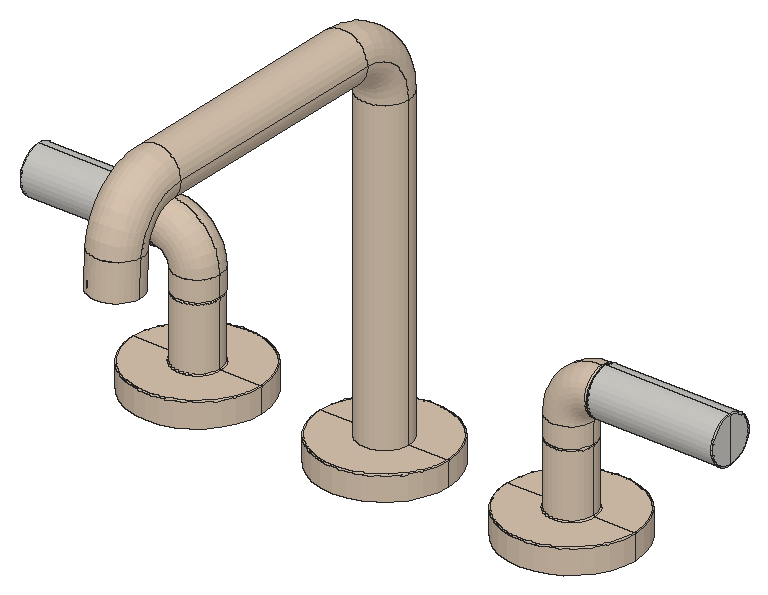
Revit family "Faucet-Deck_Mount-Bath-KALLISTA-One-P32363_1", category Plumbing Fixtures, host Face, Revit 2021
Family settings
  Host = Face
  Round Connector Dimension = Use Diameter
  Part Type = Normal
  OmniClass Number = 23.31.11.00
  OmniClass Title = Faucets
  Cut with Voids When Loaded = No
  Shared = No
  Room Calculation Point = No
Parameters (values of type "AD, BAF-Brushed French Gold")
  Width [instance] = Faucet Hole Spacing  # 8"
  WaterSense Certified = 1 = 0  # no
  Waste Water Outlet = "Waste Water Outlet"  # constant formula
  Waste Connection = 1 = 0  # no
  Vent Connection = 1 = 0  # no
  URL = "https://www.kallista.com/"
  Type = 1
  Spout Reach = 7.20079"  # constant formula
  Secondary Finish = Kallista-Metal-AD-Nickel_Silver
  Product Page URL = ""
  Product Name = "One"  # constant formula
  Product Documentation Link = ""
  Pressure = 43.50 psi  # constant formula
  Model = if(Type = 1, "P32363-AD-BAF", if(Type = 2, "P32363-ULB-SN", "NA"))  # "P32363-AD-BAF"
  Material = "Solid Brass Construction"  # constant formula
  Master Format 2014 Name = "Residential Faucets, Supplies, and Trim"  # constant formula
  Master Format 2014 = "22 41 39"  # constant formula
  Manufacturer Address = "444 Highland Dr, Kohler, WI 53044"  # constant formula
  Manufacturer = "Kallista Co."  # constant formula
  Length = Spout Reach  # 7.20079"
  Hot Water Inlet = "Hot Water Inlet"  # constant formula
  Height = 8.77559"  # constant formula
  Handle Clearance = 3.40669"  # constant formula
  HW Connection = 1 = 1  # yes
  Flow Rate = 9.98 GPM  # constant formula
  Finish = Kallista-Metal-BAF-Brushed_French_Gold
  Faucet Hole Spacing [instance] = 8"
  Environmental Product Declaration = ""
  Drain Included = 1 = 0  # no
  Description = "Deck Mount ,Bath Faucet "  # constant formula
  Default Elevation = 36"
  Declare Label = ""
  Date Modified = "02/10/2023"  # constant formula
  Date Created = "02/10/2023"  # constant formula
  Copyright = "Copyright Kallista Co."  # constant formula
  Contact Us = "https://www.kallista.com/corporate/contact-us/"
  Cold Water Inlet = "Cold Water Inlet"  # constant formula
  CW Connection = 1 = 1  # yes
  Assembly Code = "D2010"
  ADA Compliant = 1 = 0  # no
Types (3): name | Type | Secondary Finish | Model | Finish
  (no name) | 1 | Kallista-Metal-AD-Nickel_Silver | "P32363-AD-BAF" | Kallista-Metal-BAF-Brushed_French_Gold
  AD, BAF-Brushed French Gold | 1 | Kallista-Metal-AD-Nickel_Silver | "P32363-AD-BAF" | Kallista-Metal-BAF-Brushed_French_Gold
  ULB, SN-Polished Nickel | 2 | Kallista-Metal-ULB-Unlacquered_Brass | "P32363-ULB-SN" | Kallista-Metal-SN-Polished_Nickel
Reference planes
  plane 1 "Center (Front/Back)": y = 0
  plane 2: z = 0
  plane 3 "Center (Left/Right)": x = 0
  plane 4: x = -101.6
  plane 5: x = 101.6
  plane 6: y = 34.95
  plane 7: y = -34.95
  plane 8: y = -182.9
  plane 9: y = -196.05
  plane 10: x = -136.55
  plane 11: x = -66.65
  plane 12: x = 66.65
  plane 13: x = 136.55
  plane 14: z = 89.3
  plane 15: z = 222.9
  plane 16: x = -34.95
  plane 17: x = 34.95
  plane 18: z = 76.8
  plane 19: x = -188.13
  plane 20: x = 188.13
  plane 21: z = 164.384
Dimensions and locks
  plane 6 to plane 7 = 2.75197"
  plane 6 to plane 1 "Center (Front/Back)" to plane 7 = 1.37598", 1.37598"
  "Width": plane 4 to plane 5
  equal spacing: plane 4, plane 3 "Center (Left/Right)", plane 5
  plane 10 to plane 4 to plane 11 = 1.37598", 1.37598"
  plane 12 to plane 5 to plane 13 = 1.37598", 1.37598"
  plane 15 to level = 8.77559"
  plane 17 to plane 16 = 2.75197"
  plane 14 to level = 3.51575"
  "Length": plane 1 "Center (Front/Back)" to plane 8
  "Height": plane 15 to level
  plane 6 to plane 9 = 9.09449"
  "Handle Clearance": plane 20 to plane 5
  "Handle Clearance": plane 19 to plane 4
  plane 18 to level = 3.02362"
  plane 21 to level = 6.47183"
  aligned and locked: plane 2 to host face
  aligned and locked: level to host face
  aligned and locked: plane 3 "Center (Left/Right)" to nested 1
  aligned and locked: plane 1 "Center (Front/Back)" to nested 1
  aligned and locked: nested 2 to plane 4
  aligned and locked: plane 1 "Center (Front/Back)" to nested 2
  aligned and locked: plane 5 to nested 3
  aligned and locked: nested 3 to plane 1 "Center (Front/Back)"
Automatic sketch dimensions
  host sketch curve to host sketch curve = 96"  (x2)
Nested families
  nested 1: "P32363_Faucet" at (0, 0, 0), type "P32363_Faucet"
  nested 2: "P32363_Handle" at (-101.6, 0, 0), type "P32363_Handle"
  nested 3: "P32363_Handle" at (101.6, 0, 0) x (-1, 0, 0) z (0, 0, 1), type "P32363_Handle"
Connectors
  piping at (-101.6, 0, 0), diameter 19.05, driven by "Flow Rate", driven by "Pressure", driven by "HW Connection", driven by "Hot Water Inlet"
    settings: on nested 2, index 1, connector inside diameter 24", connector length 0", flow factor 0, pipe flow 9.98 GPM, pressure drop 43.50 psi, fitting loss kfactor 0, connector angle 0.00°, fixture units 0, engagement length 0", angle of deflection 0.00°, flow configuration 1, flow direction 1, fitting loss method 4, system type 19, joint type 0, gender type 0, connector reference index -1, connector utility 1, adjustable connector no, is connector primary yes, connector description "Hot Water Inlet"
  piping at (101.6, 0, 0), diameter 19.05, driven by "Flow Rate", driven by "Pressure", driven by "CW Connection", driven by "Cold Water Inlet"
    settings: on nested 3, index 2, connector inside diameter 24", connector length 0", flow factor 0, pipe flow 9.98 GPM, pressure drop 43.50 psi, fitting loss kfactor 0, connector angle 0.00°, fixture units 0, engagement length 0", angle of deflection 0.00°, flow configuration 1, flow direction 1, fitting loss method 4, system type 20, joint type 0, gender type 0, connector reference index -1, connector utility 1, adjustable connector no, is connector primary no, connector description "Cold Water Inlet"
Definition of nested family "P32363_Faucet"
  Parameters
    Material = none
    Default Elevation = 0"
  Reference planes
    plane 1 "Center (Front/Back)": y = 0
    plane 2: z = 0
    plane 3 "Center (Left/Right)": x = 0
    plane 4: z = 222.9
    plane 5: y = 34.95
    plane 6: y = -34.95
    plane 7: x = -34.95
    plane 8: x = 34.95
    plane 9: y = -196.05
    plane 10: y = -182.9
    plane 11 "A": through (0, -182.9, 164.415) normal (0, 0.9986, -0.0523)
    plane 12: x = -13.46
    plane 13: x = 13.46
  Forms (mm)
    Sweep 1, solid, material <- "Material", detail levels medium+fine
      path origin (0, 0, 0) x (0, 1, 0) y (0, 0, 1)
        loop
          line (0, 13.208) -> (0, 181.088)
          arc (0, 181.088) -> (-8.285, 201.09) -> (-28.287, 209.375) r 28.287
          line (-28.287, 209.375) -> (-155.04, 209.375)
          arc (-155.04, 209.375) -> (-173.54, 201.994) -> (-181.879, 183.906) r 26.876
          line (-181.879, 183.906) -> (-182.902, 164.376)
      profile origin (0, 0, 97.148) x (0, -1, 0) y (1, 0, 0)
        loop
          circle (0, 0) r 13.447
    Revolve 2, solid, material <- "Material", detail levels medium+fine
      sketch origin (0, 0, 0) x (1, 0, 0) y (0, 0, 1)
        loop
          line (-34.95, 0) -> (0, 0) -> (0, 13.208) -> (-34.452, 13.208)
          arc (-34.452, 13.208) -> (-34.804, 13.062) -> (-34.95, 12.71) r 0.498
          line (-34.95, 12.71) -> (-34.95, 0)
        axis (0, 0) -> (0, 13.208)
      angle from 0 to 360
    Revolve 3, void
      sketch origin (0, 0, 0) x (0, 1, 0) y (0, 0, 1)
        loop
          line (-182.973, 163.013) -> (-170.823, 162.377) -> (-170.205, 178.73) -> (-182.117, 179.354) -> (-182.973, 163.013)
        axis (-182.973, 163.013) -> (-182.117, 179.354)
      angle from 0 to 360
    Revolve 4, solid, detail levels medium+fine
      sketch origin (0, 0, 0) x (0, 1, 0) y (0, 0, 1)
        loop
          line (-173.312, 164.893) -> (-170.732, 164.758) -> (-170.305, 175.856) -> (-182.268, 176.483) -> (-182.393, 174.096) -> (-172.856, 173.596) -> (-173.312, 164.893)
        axis (-182.849, 165.393) -> (-182.268, 176.483)
      angle from 0 to 360
    Extrusion 5, solid, detail levels medium+fine
      sketch origin (0, -7.905, -8.217) x (1, 0, 0) y (0, 0.998946, -0.045901)
        loop
          arc (-6.86, -190.317) -> (-8.693, -187.898) -> (-9.885, -185.107) r 12.421
          line (-9.885, -185.107) -> (-11.701, -185.526)
          arc (-11.701, -185.526) -> (-10.384, -188.866) -> (-8.147, -191.674) r 12.121
          line (-8.147, -191.674) -> (-6.86, -190.317)
        loop
          arc (3.121, -192.599) -> (0.109, -192.973) -> (-2.903, -192.606) r 12.421
          line (-2.903, -192.606) -> (-3.45, -194.387)
          arc (-3.45, -194.387) -> (0.1, -194.921) -> (3.651, -194.393) r 12.121
          line (3.651, -194.393) -> (3.121, -192.599)
        loop
          arc (9.981, -185.187) -> (8.751, -187.962) -> (6.884, -190.355) r 12.421
          line (6.884, -190.355) -> (8.129, -191.741)
          arc (8.129, -191.741) -> (10.416, -188.973) -> (11.792, -185.657) r 12.121
          line (11.792, -185.657) -> (9.981, -185.187)
        loop
          line (-6.86, -175.441) -> (-8.147, -174.083)
          arc (-8.147, -174.083) -> (-10.384, -176.891) -> (-11.701, -180.231) r 12.121
          line (-11.701, -180.231) -> (-9.885, -180.65)
          arc (-9.885, -180.65) -> (-8.693, -177.859) -> (-6.86, -175.441) r 12.421
        loop
          line (3.121, -173.159) -> (3.651, -171.365)
          arc (3.651, -171.365) -> (0.1, -170.836) -> (-3.45, -171.37) r 12.121
          line (-3.45, -171.37) -> (-2.903, -173.152)
          arc (-2.903, -173.152) -> (0.109, -172.785) -> (3.121, -173.159) r 12.421
        loop
          line (9.981, -180.57) -> (11.792, -180.1)
          arc (11.792, -180.1) -> (10.416, -176.784) -> (8.129, -174.016) r 12.121
          line (8.129, -174.016) -> (6.884, -175.403)
          arc (6.884, -175.403) -> (8.751, -177.796) -> (9.981, -180.57) r 12.421
      from 164.411 to 173.407
    Revolve 6, solid, detail levels medium+fine
      sketch origin (0, 0, 0) x (0, 1, 0) y (0, 0, 1)
        loop
          line (-182.783, 166.657) -> (-172.597, 166.123) -> (-172.207, 173.562) -> (-182.393, 174.096) -> (-182.783, 166.657)
        axis (-182.393, 174.096) -> (-182.783, 166.657)
      angle from 0 to 360
    Extrusion 7, void
      sketch origin (0, -2.956, -3.177) x (1, 0, 0) y (0, 0.999847, -0.017502)
        loop
          circle (-8.77, -182.751) r 0.5
        loop
          circle (-8.189, -179.619) r 0.5
        loop
          circle (-6.525, -176.903) r 0.5
        loop
          circle (-3.997, -174.963) r 0.5
        loop
          circle (-0.943, -174.059) r 0.5
        loop
          circle (-8.189, -185.883) r 0.5
        loop
          circle (-6.525, -188.599) r 0.5
        loop
          circle (-3.997, -190.539) r 0.5
        loop
          circle (-0.943, -191.443) r 0.5
        loop
          circle (8.711, -182.751) r 0.5
        loop
          circle (8.13, -179.619) r 0.5
        loop
          circle (6.466, -176.903) r 0.5
        loop
          circle (3.939, -174.963) r 0.5
        loop
          circle (1.353, -174.059) r 0.5
        loop
          circle (8.13, -185.883) r 0.5
        loop
          circle (6.466, -188.599) r 0.5
        loop
          circle (3.939, -190.539) r 0.5
        loop
          circle (1.509, -191.443) r 0.5
        loop
          circle (-5.969, -182.751) r 0.5
        loop
          circle (-5.575, -180.622) r 0.5
        loop
          circle (-4.444, -178.776) r 0.5
        loop
          circle (-2.726, -177.458) r 0.5
        loop
          circle (-0.65, -176.843) r 0.5
        loop
          circle (-5.575, -184.88) r 0.5
        loop
          circle (-4.444, -186.726) r 0.5
        loop
          circle (-2.726, -188.044) r 0.5
        loop
          circle (-0.65, -188.658) r 0.5
        loop
          circle (5.911, -182.751) r 0.5
        loop
          circle (5.516, -180.622) r 0.5
        loop
          circle (4.385, -178.776) r 0.5
        loop
          circle (2.667, -177.458) r 0.5
        loop
          circle (5.516, -184.88) r 0.5
        loop
          circle (4.385, -186.726) r 0.5
        loop
          circle (2.667, -188.044) r 0.5
        loop
          circle (3.887, -182.515) r 0.5
        loop
          circle (3.186, -180.356) r 0.5
        loop
          circle (1.349, -179.021) r 0.5
        loop
          circle (3.186, -184.675) r 0.5
        loop
          circle (1.349, -186.009) r 0.5
        loop
          circle (-2.759, -180.356) r 0.5
        loop
          circle (-0.922, -179.021) r 0.5
        loop
          circle (-2.759, -184.675) r 0.5
        loop
          circle (-0.922, -186.009) r 0.5
        loop
          circle (-3.46, -182.515) r 0.5
        loop
          circle (0.559, -182.584) r 0.5
      from 159.353 to 170.383
    Sweep 8, solid, material <- "Material", detail levels coarse
      path origin (0, 0, 0) x (0, 1, 0) y (0, 0, 1)
        loop
          line (0, 13.208) -> (0, 181.088)
          arc (0, 181.088) -> (-8.285, 201.09) -> (-28.287, 209.375) r 28.287
          line (-28.287, 209.375) -> (-155.04, 209.375)
          arc (-155.04, 209.375) -> (-173.54, 201.994) -> (-181.879, 183.906) r 26.876
          line (-181.879, 183.906) -> (-182.902, 164.376)
      profile origin (0, 0, 97.148) x (0, -1, 0) y (1, 0, 0)
        loop
          circle (0, 0) r 13.447
    Revolve 9, solid, material <- "Material", detail levels coarse
      sketch origin (0, 0, 0) x (1, 0, 0) y (0, 0, 1)
        loop
          line (-34.95, 0) -> (0, 0) -> (0, 13.208) -> (-34.95, 13.208) -> (-34.95, 0)
        axis (0, 0) -> (0, 13.208)
      angle from 0 to 360
  Cuts and joins
    Revolve 3 cuts Sweep 1
    joined: Sweep 1, Revolve 2
    Extrusion 7 cuts Revolve 6
  Lines and regions (mm)
    Masking region 1
      outline origin (0, 0, 0) x (1, 0, 0) y (0, 1, 0)
        loop
          line (-13.461, -32.226) -> (-13.461, -182.594)
          arc (-13.461, -182.594) -> (0, -196.055) -> (13.46, -182.594) r 13.461
          line (13.46, -182.594) -> (13.46, -32.227)
          arc (13.46, -32.227) -> (0, 34.977) -> (-13.461, -32.226) r 34.95
    Masking region 2
      outline origin (0, 0, 0) x (1, 0, 0) y (0, 0, 1)
        loop
          line (34.925, 0) -> (34.925, 12.704)
          arc (34.925, 12.704) -> (34.777, 13.06) -> (34.421, 13.208) r 0.504
          line (34.421, 13.208) -> (13.46, 13.208) -> (13.46, 209.43)
          arc (13.46, 209.43) -> (0, 222.891) -> (-13.46, 209.43) r 13.46
          line (-13.46, 209.43) -> (-13.46, 13.208) -> (-34.421, 13.208)
          arc (-34.421, 13.208) -> (-34.777, 13.06) -> (-34.925, 12.704) r 0.504
          line (-34.925, 12.704) -> (-34.925, 0) -> (34.925, 0)
    Masking region 3
      outline origin (0, 0, 0) x (0, 1, 0) y (0, 0, 1)
        loop
          line (-34.95, 0) -> (34.95, 0) -> (34.95, 12.96)
          arc (34.95, 12.96) -> (34.803, 13.315) -> (34.448, 13.462) r 0.502
          line (34.448, 13.462) -> (13.462, 13.462) -> (13.462, 182.463)
          arc (13.462, 182.463) -> (1.618, 211.056) -> (-26.975, 222.9) r 40.437
          line (-26.975, 222.9) -> (-155.42, 222.9)
          arc (-155.42, 222.9) -> (-183.206, 211.674) -> (-195.396, 184.296) r 40
          line (-195.396, 184.296) -> (-196.049, 165.575)
          arc (-196.049, 165.575) -> (-195.913, 165.206) -> (-195.557, 165.038) r 0.519
          line (-195.557, 165.038) -> (-169.934, 163.695)
          arc (-169.934, 163.695) -> (-169.572, 163.823) -> (-169.407, 164.17) r 0.502
          line (-169.407, 164.17) -> (-168.427, 182.865)
          arc (-168.427, 182.865) -> (-164.132, 192.183) -> (-154.602, 195.985) r 13.844
          line (-154.602, 195.985) -> (-26.992, 195.985)
          arc (-26.992, 195.985) -> (-17.425, 192.022) -> (-13.462, 182.455) r 13.53
          line (-13.462, 182.455) -> (-13.462, 13.462) -> (-34.448, 13.462)
          arc (-34.448, 13.462) -> (-34.803, 13.315) -> (-34.95, 12.96) r 0.502
          line (-34.95, 12.96) -> (-34.95, 0)
    symbolic lines, detail levels medium+fine
      curve 1: line (-13.46, -32.542, 0) -> (-13.46, -0.056, 0)
      curve 2: line (13.46, -32.535, 0) -> (13.46, -0.056, 0)
      curve 3: arc (13.46, -0.056, 0) -> (0, 13.404, 0) -> (-13.46, -0.056, 0) r 13.46
      curve 4: arc (13.46, -4.598, 0) -> (0, 14.224, 0) -> (-13.46, -4.598, 0) r 14.224
      curve 5: arc (0, 33.925, 0) -> (-32.662, 9.172, 0) -> (-17.66, -28.966, 0) r 33.925
      curve 6: arc (17.173, -29.258, 0) -> (32.737, 8.898, 0) -> (0, 33.925, 0) r 33.925
      curve 7: arc (-17.66, -28.966, 0) -> (-15.599, -30.123, 0) -> (-13.46, -31.13, 0) r 32.934
      curve 8: arc (13.46, -31.111, 0) -> (15.348, -30.247, 0) -> (17.173, -29.258, 0) r 30.646
      curve 9: line (13.46, -154.969, 0) -> (-13.46, -154.969, 0)
      curve 10: line (-13.46, -26.917, 0) -> (13.46, -26.917, 0)
      curve 11: arc (13.46, -182.095, 0) -> (0, -195.555, 0) -> (-13.46, -182.095, 0) r 13.46
      curve 12: line (13.46, 0, 13.208) -> (-13.46, 0, 13.208)
      curve 13: spline (-13.46, 0, 164.397) -> (-13.002, 0, 164.642) -> (-11.657, 0, 164.871) -> (-9.518, 0, 165.067) -> (-6.73, 0, 165.217) -> (-3.484, 0, 165.312) -> (0, 0, 165.344) -> (3.484, 0, 165.312) -> (6.73, 0, 165.217) -> (9.518, 0, 165.067) -> (11.657, 0, 164.871) -> (13.002, 0, 164.642) -> (13.46, 0, 164.397) -> (13.002, 0, 164.152) -> (11.657, 0, 163.924) -> (9.518, 0, 163.728) -> (6.73, 0, 163.578) -> (3.484, 0, 163.483) -> (0, 0, 163.451) -> (-3.484, 0, 163.483) -> (-6.73, 0, 163.578) -> (-9.518, 0, 163.728) -> (-11.657, 0, 163.924) -> (-13.002, 0, 164.152) -> (-13.46, 0, 164.397)
      curve 14: arc (-6.794, 0, 184.549) -> (0, 0, 184.674) -> (6.794, 0, 184.549) r 185.103
      curve 15: arc (-12.979, 0, 184.078) -> (-9.891, 0, 184.374) -> (-6.794, 0, 184.549) r 78.973
      curve 16: arc (-13.46, 0, 183.867) -> (-13.235, 0, 184.009) -> (-12.979, 0, 184.078) r 0.895
      curve 17: arc (12.979, 0, 184.078) -> (9.891, 0, 184.374) -> (6.794, 0, 184.549) r 78.973
      curve 18: arc (13.46, 0, 183.867) -> (13.235, 0, 184.009) -> (12.979, 0, 184.078) r 0.895
      curve 19: line (-34.925, 0, 12.704) -> (34.925, 0, 12.704)
      curve 20: spline (-12.138, 0, 164.367) -> (-11.725, 0, 164.536) -> (-10.512, 0, 164.694) -> (-8.583, 0, 164.829) -> (-6.069, 0, 164.933) -> (-3.142, 0, 164.998) -> (0, 0, 165.021) -> (3.142, 0, 164.998) -> (6.069, 0, 164.933) -> (8.583, 0, 164.829) -> (10.512, 0, 164.694) -> (11.725, 0, 164.536) -> (12.138, 0, 164.367) -> (11.725, 0, 164.198) -> (10.512, 0, 164.04) -> (8.583, 0, 163.905) -> (6.069, 0, 163.801) -> (3.142, 0, 163.735) -> (0, 0, 163.713) -> (-3.142, 0, 163.735) -> (-6.069, 0, 163.801) -> (-8.583, 0, 163.905) -> (-10.512, 0, 164.04) -> (-11.725, 0, 164.198) -> (-12.138, 0, 164.367)
      curve 21: line (-3.013, 0, 163.734) -> (-3.013, 0, 165)
      curve 22: line (3.005, 0, 163.734) -> (3.005, 0, 165)
      curve 23: line (-8.013, 0, 163.876) -> (-8.013, 0, 164.858)
      curve 24: line (8.013, 0, 163.876) -> (8.013, 0, 164.858)
      curve 25: line (0, 13.462, 13.462) -> (0, -13.462, 13.462)
      curve 26: line (0, 34.95, 12.96) -> (0, -34.95, 12.96)
      curve 27: line (0, -169.407, 164.17) -> (0, -196.05, 165.566)
      curve 28: line (0, 13.462, 182.52) -> (0, -13.462, 182.52)
      curve 29: line (0, -26.918, 222.9) -> (0, -26.918, 195.985)
      curve 30: line (0, -154.969, 222.9) -> (0, -154.969, 195.945)
      curve 31: line (0, -195.382, 184.609) -> (0, -168.41, 183.195)
  Dimensions and locks
    plane 4 to level = 8.77559"  (x2)
    plane 7 to plane 8 = 2.75197"
    plane 1 "Center (Front/Back)" to plane 10 = 7.20079"
    plane 5 to plane 9 = 9.09449"
    plane 12 to plane 13 = 1.05987"
    aligned and locked: plane 2 to level
Definition of nested family "P32363_Handle"
  Parameters
    Secondory Material = none
    Material = none
    Default Elevation = 0"
  Reference planes
    plane 1 "Center (Front/Back)": y = 0
    plane 2: z = 0
    plane 3 "Center (Left/Right)": x = 0
    plane 4: x = -34.95
    plane 5: x = 34.95
    plane 6: y = 34.95
    plane 7: y = -34.95
    plane 8: z = 89.3
    plane 9: z = 76.8
    plane 10: x = -12.45
    plane 11: x = 12.45
    plane 12: x = -86.529
  Forms (mm)
    Sweep 1, solid, material <- "Material", detail levels medium+fine
      path origin (0, 0, 0) x (1, 0, 0) y (0, 0, 1)
        loop
          line (0, 48.853) -> (0, 59.749)
          arc (0, 59.749) -> (-4.994, 71.806) -> (-17.051, 76.8) r 17.051
          line (-17.051, 76.8) -> (-18.212, 76.8)
      profile origin (0, 0, 54.301) x (-1, 0, 0) y (0, -1, 0)
        loop
          circle (0, 0) r 12.304
    Revolve 2, solid, material <- "Material", detail levels medium+fine
      sketch origin (0, 0, 0) x (1, 0, 0) y (0, 0, 1)
        loop
          arc (-34.451, 13.475) -> (-34.804, 13.329) -> (-34.95, 12.976) r 0.499
          line (-34.95, 12.976) -> (-34.95, 0) -> (0, 0) -> (0, 48.288) -> (-11.742, 48.288)
          arc (-11.742, 48.288) -> (-12.11, 48.135) -> (-12.263, 47.766) r 0.521
          line (-12.263, 47.766) -> (-12.263, 13.99)
          arc (-12.263, 13.99) -> (-12.414, 13.626) -> (-12.778, 13.475) r 0.515
          line (-12.778, 13.475) -> (-34.451, 13.475)
        axis (0, 0) -> (0, 48.288)
      angle from 0 to 360
    Revolve 3, solid, material <- "Secondory Material", detail levels medium+fine
      sketch origin (0, 0, 0) x (1, 0, 0) y (0, 0, 1)
        loop
          line (-18.202, 76.8) -> (-18.202, 88.702)
          arc (-18.202, 88.702) -> (-18.377, 89.125) -> (-18.801, 89.3) r 0.598
          line (-18.801, 89.3) -> (-86.017, 89.3)
          arc (-86.017, 89.3) -> (-86.378, 89.151) -> (-86.528, 88.79) r 0.51
          line (-86.528, 88.79) -> (-86.528, 76.8) -> (-18.202, 76.8)
        axis (-18.202, 76.8) -> (-86.528, 76.8)
      angle from 0 to 360
    Revolve 4, solid, material <- "Secondory Material", detail levels coarse
      sketch origin (0, 0, 0) x (1, 0, 0) y (0, 0, 1)
        loop
          line (-18.202, 76.8) -> (-18.202, 89.3) -> (-86.017, 89.3)
          arc (-86.017, 89.3) -> (-86.378, 89.151) -> (-86.528, 88.79) r 0.51
          line (-86.528, 88.79) -> (-86.528, 76.8) -> (-18.202, 76.8)
        axis (-18.202, 76.8) -> (-86.528, 76.8)
      angle from 0 to 360
    Revolve 5, solid, detail levels medium+fine
      sketch origin (0, 0, 0) x (1, 0, 0) y (0, 0, 1)
        loop
          line (0, 48.853) -> (-10.995, 48.853) -> (-10.995, 47.633) -> (0, 47.633) -> (0, 48.853)
        axis (0, 47.633) -> (0, 48.853)
      angle from 0 to 360
    Sweep 6, solid, material <- "Material", detail levels coarse
      path origin (0, 0, 0) x (1, 0, 0) y (0, 0, 1)
        loop
          line (0, 11.8) -> (0, 59.749)
          arc (0, 59.749) -> (-4.994, 71.806) -> (-17.051, 76.8) r 17.051
          line (-17.051, 76.8) -> (-18.212, 76.8)
      profile origin (0, 0, 35.774) x (-1, 0, 0) y (0, -1, 0)
        loop
          circle (0, 0) r 12.304
    Revolve 7, solid, material <- "Material", detail levels coarse
      sketch origin (0, 0, 0) x (1, 0, 0) y (0, 0, 1)
        loop
          line (-34.95, 13.475) -> (-34.95, 0) -> (0.211, 0) -> (0.211, 13.475) -> (-34.95, 13.475)
        axis (0.211, 0) -> (0.211, 13.475)
      angle from 0 to 360
    Extrusion 8, solid, material <- "Material", detail levels medium+fine
      sketch origin (0, 0, 0) x (1, 0, 0) y (0, 1, 0)
        loop
          circle (0, 0) r 2
      from 0 to 1.814
  Cuts and joins
    joined: Sweep 1, Revolve 2
  Lines and regions (mm)
    Masking region 1
      outline origin (0, 0, 0) x (1, 0, 0) y (0, 1, 0)
        loop
          line (-86.009, -12.491) -> (-32.642, -12.491)
          arc (-32.642, -12.491) -> (34.95, 0) -> (-32.642, 12.491) r 34.95
          line (-32.642, 12.491) -> (-86.007, 12.491)
          arc (-86.007, 12.491) -> (-86.376, 12.338) -> (-86.529, 11.969) r 0.521
          line (-86.529, 11.969) -> (-86.529, -11.971)
          arc (-86.529, -11.971) -> (-86.376, -12.338) -> (-86.009, -12.491) r 0.52
    Masking region 2
      outline origin (0, 0, 0) x (1, 0, 0) y (0, 0, 1)
        loop
          line (-86.019, 64.312) -> (-18.717, 64.312)
          arc (-18.717, 64.312) -> (-18.36, 64.459) -> (-18.212, 64.816) r 0.505
          arc (-18.212, 64.816) -> (-18.07, 64.482) -> (-17.714, 64.293) r 0.57
          arc (-17.714, 64.293) -> (-14.012, 62.366) -> (-12.45, 58.495) r 6.027
          line (-12.45, 58.495) -> (-12.45, 48.842)
          arc (-12.45, 48.842) -> (-12.282, 48.467) -> (-11.89, 48.344) r 0.501
          arc (-11.89, 48.344) -> (-12.288, 48.158) -> (-12.45, 47.751) r 0.59
          line (-12.45, 47.751) -> (-12.45, 14.039)
          arc (-12.45, 14.039) -> (-12.616, 13.64) -> (-13.015, 13.474) r 0.565
          line (-13.015, 13.474) -> (-34.424, 13.474)
          arc (-34.424, 13.474) -> (-34.796, 13.32) -> (-34.95, 12.949) r 0.526
          line (-34.95, 12.949) -> (-34.95, 0) -> (34.95, 0) -> (34.95, 12.949)
          arc (34.95, 12.949) -> (34.796, 13.32) -> (34.424, 13.474) r 0.526
          line (34.424, 13.474) -> (12.968, 13.474)
          arc (12.968, 13.474) -> (12.602, 13.626) -> (12.45, 13.992) r 0.518
          line (12.45, 13.992) -> (12.45, 47.751)
          arc (12.45, 47.751) -> (12.288, 48.158) -> (11.89, 48.341) r 0.59
          arc (11.89, 48.341) -> (12.282, 48.467) -> (12.45, 48.842) r 0.501
          line (12.45, 48.842) -> (12.45, 58.448)
          arc (12.45, 58.448) -> (3.724, 79.923) -> (-17.508, 89.226) r 30.79
          arc (-17.508, 89.226) -> (-17.927, 89.112) -> (-18.212, 88.784) r 0.75
          arc (-18.212, 88.784) -> (-18.36, 89.141) -> (-18.717, 89.288) r 0.505
          line (-18.717, 89.288) -> (-86.019, 89.288)
          arc (-86.019, 89.288) -> (-86.38, 89.139) -> (-86.529, 88.778) r 0.51
          line (-86.529, 88.778) -> (-86.529, 64.822)
          arc (-86.529, 64.822) -> (-86.38, 64.461) -> (-86.019, 64.312) r 0.51
    Masking region 3
      outline origin (0, 0, 0) x (0, 1, 0) y (0, 0, 1)
        loop
          line (-34.95, 0) -> (34.95, 0) -> (34.95, 12.94)
          arc (34.95, 12.94) -> (34.791, 13.323) -> (34.409, 13.481) r 0.541
          line (34.409, 13.481) -> (13.044, 13.481)
          arc (13.044, 13.481) -> (12.65, 13.644) -> (12.487, 14.038) r 0.557
          line (12.487, 14.038) -> (12.487, 47.812)
          arc (12.487, 47.812) -> (12.319, 48.219) -> (11.912, 48.387) r 0.575
          arc (11.912, 48.387) -> (12.319, 48.556) -> (12.487, 48.963) r 0.575
          line (12.487, 48.963) -> (12.487, 76.832)
          arc (12.487, 76.832) -> (0, 89.319) -> (-12.487, 76.832) r 12.487
          line (-12.487, 76.832) -> (-12.487, 48.963)
          arc (-12.487, 48.963) -> (-12.319, 48.556) -> (-11.912, 48.387) r 0.575
          arc (-11.912, 48.387) -> (-12.319, 48.219) -> (-12.487, 47.812) r 0.575
          line (-12.487, 47.812) -> (-12.487, 14.038)
          arc (-12.487, 14.038) -> (-12.65, 13.644) -> (-13.044, 13.481) r 0.557
          line (-13.044, 13.481) -> (-34.409, 13.481)
          arc (-34.409, 13.481) -> (-34.791, 13.323) -> (-34.95, 12.94) r 0.541
          line (-34.95, 12.94) -> (-34.95, 0)
    symbolic lines, detail levels medium+fine
      curve 1: line (-32.649, 12.472, 0) -> (-18.707, 12.472, 0)
      curve 2: line (-18.2, 11.965, 0) -> (-18.2, 0, 0)
      curve 3: arc (-18.707, 12.472, 0) -> (-18.348, 12.324, 0) -> (-18.2, 11.965, 0) r 0.507
      curve 4: line (-17.843, 12.467, 0) -> (0, 12.467, 0)
      curve 5: arc (-18.2, 11.965, 0) -> (-18.151, 12.308, 0) -> (-17.843, 12.467, 0) r 0.377
      curve 6: line (-32.649, -12.472, 0) -> (-18.707, -12.472, 0)
      curve 7: line (-18.2, -11.965, 0) -> (-18.2, 0, 0)
      curve 8: arc (-18.707, -12.472, 0) -> (-18.348, -12.324, 0) -> (-18.2, -11.965, 0) r 0.507
      curve 9: line (-17.843, -12.467, 0) -> (0, -12.467, 0)
      curve 10: arc (-18.2, -11.965, 0) -> (-18.151, -12.308, 0) -> (-17.843, -12.467, 0) r 0.377
      curve 11: arc (0, -12.467, 0) -> (12.467, 0, 0) -> (0, 12.467, 0) r 12.467
      curve 12: line (-18.707, 12.472, 0) -> (-18.707, -12.472, 0)
      curve 13: line (-17.843, -12.467, 0) -> (-17.843, 12.467, 0)
      curve 14: arc (-3.201, -12.467, 0) -> (12.871, 0, 0) -> (-3.201, 12.467, 0) r 12.871
      curve 15: line (-86.009, -12.491, 0) -> (-86.009, 12.509, 0)
      curve 16: line (-13.015, 0, 13.474) -> (12.968, 0, 13.474)
      curve 17: line (-12.45, 0, 14.039) -> (12.452, 0, 14.039)
      curve 18: line (-11.89, 0, 48.344) -> (11.87, 0, 48.344)
      curve 19: line (-12.45, 0, 48.842) -> (12.45, 0, 48.842)
      curve 20: line (12.45, 0, 47.751) -> (-12.45, 0, 47.751)
      curve 21: line (-18.212, 0, 88.784) -> (-18.212, 0, 64.859)
      curve 22: line (-18.717, 0, 89.288) -> (-18.717, 0, 64.312)
      curve 23: line (-17.508, 0, 89.226) -> (-17.508, 0, 64.263)
      curve 24: line (-86.019, 0, 89.288) -> (-86.019, 0, 64.312)
      curve 25: line (-34.95, 0, 12.949) -> (34.95, 0, 12.949)
      curve 26: line (0, 12.487, 14.038) -> (0, -12.487, 14.038)
      curve 27: line (0, 13.044, 13.481) -> (0, -13.044, 13.481)
      curve 28: line (0, -34.95, 12.94) -> (0, 34.95, 12.94)
      curve 29: circle (0, 0, 76.8) r 11.977 normal (1, 0, 0)
      curve 30: arc (0, -12.481, 76.439) -> (0, 0.393, 64.351) -> (0, 12.481, 77.225) r 12.487
      curve 31: line (0, 11.912, 48.387) -> (0, -11.912, 48.387)
      curve 32: line (0, -12.487, 48.963) -> (0, 12.487, 48.963)
      curve 33: line (0, 12.487, 47.812) -> (0, -12.487, 47.812)
      curve 34: line (0, 12.487, 58.62) -> (0, -12.487, 58.62)
      curve 35: line (0, 0, 64.345) -> (0, 0, 58.62)
      curve 36: arc (-32.033, -12.472, 0) -> (34.375, 0, 0) -> (-32.033, 12.472, 0) r 34.375
  Dimensions and locks
    plane 10 to plane 11 = 0.98031"
    plane 8 to level = 3.51575"
    plane 9 to level = 3.02362"
    aligned and locked: plane 2 to level
